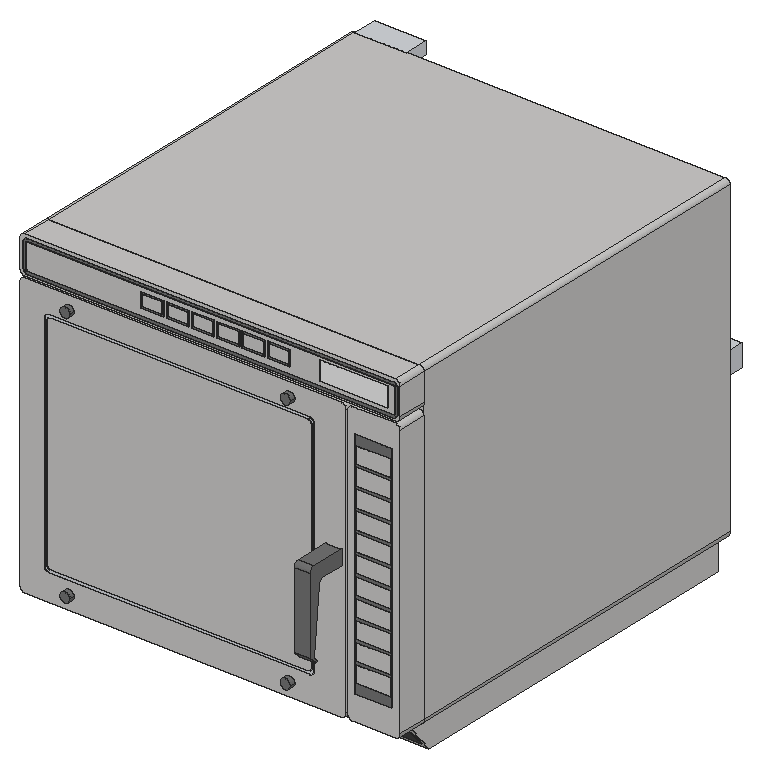
Revit family
Parameters (values of type "ACE14")
  Weight in Pounds = 95
  Watts = 3200 W
  Watermarked By = "http://revitwatermark.com"
  Volts = 208 V
  URL Cutsheet = ""
  URL = "www.acpsolutions.com"
  Status [instance] = ""
  Specification by User [instance] = ""
  Specification by Manufacturer = ""
  Serial Number = ""
  Seismic Rating [instance] = ""
  SMACNA No [instance] = ""
  Revision Code [instance] = ""
  Phase = 1
  Omniclass Number and Title = ""
  Number of Poles [instance] = 1
  NAFEM Spec ID Number = ""
  Model = "ACE14"
  Masterspec = ""
  Manufacturer = "Amana"
  Item Number [instance] = "-"
  Installed By [instance] = ""
  Identify Quantity as Lot [instance] = yes
  Furnished By [instance] = ""
  Foodservice Equipment Identifier [instance] = yes
  FL Amps = 15.4 A
  Electrical Remarks [instance] = ""
  Electric Connection Type [instance] = ""
  Elec Conn RI Height [instance] = 0' - 0"
  Elec Conn Connection Height [instance] = 0' - 9 3/8"
  Description = "Combination Cooking Oven"
  Cycle = 60 Hz
  Conn Plug = "NEMA 6-20"
  CSI MasterFormat = "11 44 16"
  Assembly Code = "E1090320"
  Apparent Power = if(Phase = 3, Volts * FL Amps * 1.73, Volts * FL Amps)  # 3203.2 VA
Values of the unnamed type that differ from the named types
  Watermarked By = ""
Reference planes (in)
  plane 1: z = 0
  plane 2 "LEFT": x = 0
  plane 3 "RIGHT": x = 19.75
  plane 4 "FRONT": y = -21.75781
  plane 5 "TOP": z = 18.125
  plane 6 "Bottom of Box": z = 1.75
  plane 7: x = 0.375
  plane 8: x = 0.1875
  plane 9 "Handle": y = -23.75
  plane 10: z = 9.375
  plane 11: x = 18.25
  plane 12 "Back": y = 0.5
  plane 13: y = -0.75781
  plane 14 "Front of Box": y = -20.25781
  plane 15: y = -38.625
  plane 16: y = -38.60547
Forms (in)
  Extrusion 1, solid, material "QF_Finishes_Stainless Steel"
    sketch origin (0, 0, 0) x (0, 1, 0) y (0, 0, 1)
      loop
        line (-0.75781, 1.75) -> (-20.25781, 1.75) -> (-20.25781, 1.30389) -> (-19.16372, 0) -> (-0.75781, 0) -> (-0.75781, 1.75)
    from 1.04998 to 19.13398
  Extrusion 2, solid, material "QF_Finishes_Stainless Steel"
    sketch origin (0, -21.83258, 0) x (0, 0, -1) y (1, 0, 0)
      loop
        arc (-18.125, 0.625) -> (-18.05178, 0.44822) -> (-17.875, 0.375) r 0.25
        line (-17.875, 0.375) -> (-16.47248, 0.375)
        arc (-16.47248, 0.375) -> (-16.29571, 0.44822) -> (-16.22248, 0.625) r 0.25
        line (-16.22248, 0.625) -> (-16.22248, 19.5)
        arc (-16.22248, 19.5) -> (-16.29571, 19.67678) -> (-16.47248, 19.75) r 0.25
        line (-16.47248, 19.75) -> (-17.875, 19.75)
        arc (-17.875, 19.75) -> (-18.05178, 19.67678) -> (-18.125, 19.5) r 0.25
        line (-18.125, 19.5) -> (-18.125, 0.625)
      loop
        line (-17.67052, 15.63874) -> (-16.67052, 15.63874) -> (-16.67052, 19.13874) -> (-17.67052, 19.13874) -> (-17.67052, 15.63874)
      loop
        line (-16.81543, 11.55953) -> (-17.56543, 11.55953) -> (-17.56543, 10.41006) -> (-16.81543, 10.41006) -> (-16.81543, 11.55953)
      loop
        line (-16.81543, 10.25587) -> (-17.56543, 10.25587) -> (-17.56543, 9.1064) -> (-16.81543, 9.1064) -> (-16.81543, 10.25587)
      loop
        line (-17.56543, 12.98974) -> (-16.81543, 12.98974) -> (-16.81543, 14.13921) -> (-17.56543, 14.13921) -> (-17.56543, 12.98974)
      loop
        line (-16.81543, 12.83555) -> (-17.56543, 12.83555) -> (-17.56543, 11.68608) -> (-16.81543, 11.68608) -> (-16.81543, 12.83555)
      loop
        line (-16.81543, 8.97985) -> (-17.56543, 8.97985) -> (-17.56543, 7.83038) -> (-16.81543, 7.83038) -> (-16.81543, 8.97985)
      loop
        line (-16.81543, 7.67619) -> (-17.56543, 7.67619) -> (-17.56543, 6.52672) -> (-16.81543, 6.52672) -> (-16.81543, 7.67619)
      loop
        line (-16.87793, 7.61369) -> (-17.50293, 7.61369) -> (-17.50293, 6.58922) -> (-16.87793, 6.58922) -> (-16.87793, 7.61369)
      loop
        line (-16.87793, 8.91735) -> (-17.50293, 8.91735) -> (-17.50293, 7.89288) -> (-16.87793, 7.89288) -> (-16.87793, 8.91735)
      loop
        line (-16.87793, 10.19337) -> (-17.50293, 10.19337) -> (-17.50293, 9.1689) -> (-16.87793, 9.1689) -> (-16.87793, 10.19337)
      loop
        line (-16.87793, 11.49703) -> (-17.50293, 11.49703) -> (-17.50293, 10.47256) -> (-16.87793, 10.47256) -> (-16.87793, 11.49703)
      loop
        line (-16.87793, 12.77305) -> (-17.50293, 12.77305) -> (-17.50293, 11.74858) -> (-16.87793, 11.74858) -> (-16.87793, 12.77305)
      loop
        line (-16.87793, 14.07671) -> (-17.50293, 14.07671) -> (-17.50293, 13.05224) -> (-16.87793, 13.05224) -> (-16.87793, 14.07671)
      loop
        line (-17.9649, 19.36983) -> (-17.9649, 0.77744)
        arc (-17.9649, 0.77744) -> (-17.89167, 0.60066) -> (-17.7149, 0.52744) r 0.25
        line (-17.7149, 0.52744) -> (-16.5748, 0.52744)
        arc (-16.5748, 0.52744) -> (-16.39802, 0.60066) -> (-16.3248, 0.77744) r 0.25
        line (-16.3248, 0.77744) -> (-16.3248, 19.36983)
        arc (-16.3248, 19.36983) -> (-16.39802, 19.54661) -> (-16.5748, 19.61983) r 0.25
        line (-16.5748, 19.61983) -> (-17.7149, 19.61983)
        arc (-17.7149, 19.61983) -> (-17.89167, 19.54661) -> (-17.9649, 19.36983) r 0.25
      loop
        line (-17.8399, 19.36983) -> (-17.8399, 0.77744)
        arc (-17.8399, 0.77744) -> (-17.80328, 0.68905) -> (-17.7149, 0.65244) r 0.125
        line (-17.7149, 0.65244) -> (-16.5748, 0.65244)
        arc (-16.5748, 0.65244) -> (-16.48641, 0.68905) -> (-16.4498, 0.77744) r 0.125
        line (-16.4498, 0.77744) -> (-16.4498, 19.36983)
        arc (-16.4498, 19.36983) -> (-16.48641, 19.45822) -> (-16.5748, 19.49483) r 0.125
        line (-16.5748, 19.49483) -> (-17.7149, 19.49483)
        arc (-17.7149, 19.49483) -> (-17.80328, 19.45822) -> (-17.8399, 19.36983) r 0.125
    from -1.57476 to -0.07476
  Extrusion 3, solid, material "QF_Finishes_Stainless Steel"
    sketch origin (0, -21.75781, 0) x (1, 0, 0) y (0, 0, 1)
      loop
        arc (0.625, 16.11033) -> (0.44822, 16.03711) -> (0.375, 15.86033) r 0.25
        line (0.375, 15.86033) -> (0.375, 1.99902)
        arc (0.375, 1.99902) -> (0.44822, 1.82224) -> (0.625, 1.74902) r 0.25
        line (0.625, 1.74902) -> (16.74405, 1.74902)
        arc (16.74405, 1.74902) -> (16.92083, 1.82224) -> (16.99405, 1.99902) r 0.25
        line (16.99405, 1.99902) -> (16.99405, 15.86033)
        arc (16.99405, 15.86033) -> (16.92083, 16.03711) -> (16.74405, 16.11033) r 0.25
        line (16.74405, 16.11033) -> (0.625, 16.11033)
      loop
        arc (1.86421, 14.85606) -> (1.68743, 14.78283) -> (1.61421, 14.60606) r 0.25
        line (1.61421, 14.60606) -> (1.61421, 3.35606)
        arc (1.61421, 3.35606) -> (1.68743, 3.17928) -> (1.86421, 3.10606) r 0.25
        line (1.86421, 3.10606) -> (15.11421, 3.10606)
        arc (15.11421, 3.10606) -> (15.29099, 3.17928) -> (15.36421, 3.35606) r 0.25
        line (15.36421, 3.35606) -> (15.36421, 14.60606)
        arc (15.36421, 14.60606) -> (15.29099, 14.78283) -> (15.11421, 14.85606) r 0.25
        line (15.11421, 14.85606) -> (1.86421, 14.85606)
      loop
        arc (1.97145, 14.75634) -> (1.79467, 14.68312) -> (1.72145, 14.50634) r 0.25
        line (1.72145, 14.50634) -> (1.72145, 3.46998)
        arc (1.72145, 3.46998) -> (1.79467, 3.2932) -> (1.97145, 3.21998) r 0.25
        line (1.97145, 3.21998) -> (15.00353, 3.21998)
        arc (15.00353, 3.21998) -> (15.18031, 3.2932) -> (15.25353, 3.46998) r 0.25
        line (15.25353, 3.46998) -> (15.25353, 14.50634)
        arc (15.25353, 14.50634) -> (15.18031, 14.68312) -> (15.00353, 14.75634) r 0.25
        line (15.00353, 14.75634) -> (1.97145, 14.75634)
    from -1.5 to 0
  Extrusion 4, solid, material "QF_Finishes_Stainless Steel"
    sketch origin (0, -21.83258, 0) x (0, 0, -1) y (1, 0, 0)
      loop
        arc (-16.11033, 17.34162) -> (-16.03711, 17.16484) -> (-15.86033, 17.09162) r 0.25
        line (-15.86033, 17.09162) -> (-1.99902, 17.09162)
        arc (-1.99902, 17.09162) -> (-1.82224, 17.16484) -> (-1.74902, 17.34162) r 0.25
        line (-1.74902, 17.34162) -> (-1.74902, 19.5)
        arc (-1.74902, 19.5) -> (-1.82224, 19.67678) -> (-1.99902, 19.75) r 0.25
        line (-1.99902, 19.75) -> (-15.86033, 19.75)
        arc (-15.86033, 19.75) -> (-16.03711, 19.67678) -> (-16.11033, 19.5) r 0.25
        line (-16.11033, 19.5) -> (-16.11033, 17.34162)
      loop
        line (-14.89681, 17.45776) -> (-3.04131, 17.45776) -> (-3.04131, 19.33388) -> (-14.89681, 19.33388) -> (-14.89681, 17.45776)
      loop
        line (-14.39681, 17.50334) -> (-13.56029, 17.50334) -> (-13.56029, 19.27396) -> (-14.39681, 19.27396) -> (-14.39681, 17.50334)
      loop
        line (-13.39681, 17.50334) -> (-12.56029, 17.50334) -> (-12.56029, 19.27396) -> (-13.39681, 19.27396) -> (-13.39681, 17.50334)
      loop
        line (-12.39681, 17.50334) -> (-11.56029, 17.50334) -> (-11.56029, 19.27396) -> (-12.39681, 19.27396) -> (-12.39681, 17.50334)
      loop
        line (-11.39681, 17.50334) -> (-10.56029, 17.50334) -> (-10.56029, 19.27396) -> (-11.39681, 19.27396) -> (-11.39681, 17.50334)
      loop
        line (-10.39681, 17.50334) -> (-9.56029, 17.50334) -> (-9.56029, 19.27396) -> (-10.39681, 19.27396) -> (-10.39681, 17.50334)
      loop
        line (-9.39681, 17.50334) -> (-8.56029, 17.50334) -> (-8.56029, 19.27396) -> (-9.39681, 19.27396) -> (-9.39681, 17.50334)
      loop
        line (-8.39681, 17.50334) -> (-7.56029, 17.50334) -> (-7.56029, 19.27396) -> (-8.39681, 19.27396) -> (-8.39681, 17.50334)
      loop
        line (-7.39681, 17.50334) -> (-6.56029, 17.50334) -> (-6.56029, 19.27396) -> (-7.39681, 19.27396) -> (-7.39681, 17.50334)
      loop
        line (-6.39681, 17.50334) -> (-5.56029, 17.50334) -> (-5.56029, 19.27396) -> (-6.39681, 19.27396) -> (-6.39681, 17.50334)
      loop
        line (-5.39681, 17.50334) -> (-4.56029, 17.50334) -> (-4.56029, 19.27396) -> (-5.39681, 19.27396) -> (-5.39681, 17.50334)
      loop
        line (-4.39681, 17.50334) -> (-3.56029, 17.50334) -> (-3.56029, 19.27396) -> (-4.39681, 19.27396) -> (-4.39681, 17.50334)
    from -1.57476 to -0.07476
  Extrusion 5, solid, material "QF_Finishes_Stainless Steel"
    sketch origin (0, -0.25, 0) x (1, 0, 0) y (0, 0, 1)
      loop
        line (0, 16.02301) -> (0, 2.03512) -> (0.0625, 2.03512)
        arc (0.0625, 2.03512) -> (0.15089, 2.07173) -> (0.1875, 2.16012) r 0.125
        line (0.1875, 2.16012) -> (0.1875, 15.89801)
        arc (0.1875, 15.89801) -> (0.15089, 15.9864) -> (0.0625, 16.02301) r 0.125
        line (0.0625, 16.02301) -> (0, 16.02301)
    from 0.50781 to 20.00781
  Extrusion 6, solid, material "QF_Finishes_Stainless Steel"
    sketch origin (0.375, -0.25, 0) x (-1, 0, 0) y (0, 0, -1)
      loop
        line (0, -16.02301) -> (0.0625, -16.02301)
        arc (0.0625, -16.02301) -> (0.15089, -15.9864) -> (0.1875, -15.89801) r 0.125
        line (0.1875, -15.89801) -> (0.1875, -2.16012)
        arc (0.1875, -2.16012) -> (0.15089, -2.07173) -> (0.0625, -2.03512) r 0.125
        line (0.0625, -2.03512) -> (0, -2.03512) -> (0, -16.02301)
    from 0.50781 to 20.00781
  Extrusion 7, solid, material "QF_Finishes_Stainless Steel"
    sketch origin (0, -21.75781, 0) x (1, 0, 0) y (0, 0, 1)
      loop
        line (7.61369, 16.87793) -> (7.61369, 17.50293) -> (6.58922, 17.50293) -> (6.58922, 16.87793) -> (7.61369, 16.87793)
      loop
        line (8.91735, 16.87793) -> (8.91735, 17.50293) -> (7.89288, 17.50293) -> (7.89288, 16.87793) -> (8.91735, 16.87793)
      loop
        line (10.19337, 16.87793) -> (10.19337, 17.50293) -> (9.1689, 17.50293) -> (9.1689, 16.87793) -> (10.19337, 16.87793)
      loop
        line (11.49703, 16.87793) -> (11.49703, 17.50293) -> (10.47256, 17.50293) -> (10.47256, 16.87793) -> (11.49703, 16.87793)
      loop
        line (12.77305, 16.87793) -> (12.77305, 17.50293) -> (11.74858, 17.50293) -> (11.74858, 16.87793) -> (12.77305, 16.87793)
      loop
        line (14.07671, 16.87793) -> (14.07671, 17.50293) -> (13.05224, 17.50293) -> (13.05224, 16.87793) -> (14.07671, 16.87793)
    from 0 to -0.49159
  Extrusion 8, solid, material "QF_Finishes_Stainless Steel"
    sketch origin (0, -0.25, 0) x (1, 0, 0) y (0, 0, 1)
      loop
        arc (0.625, 18.11603) -> (0.44822, 18.04281) -> (0.375, 17.86603) r 0.25
        line (0.375, 17.86603) -> (0.375, 2)
        arc (0.375, 2) -> (0.44822, 1.82322) -> (0.625, 1.75) r 0.25
        line (0.625, 1.75) -> (19.5, 1.75)
        arc (19.5, 1.75) -> (19.67678, 1.82322) -> (19.75, 2) r 0.25
        line (19.75, 2) -> (19.75, 17.86603)
        arc (19.75, 17.86603) -> (19.67678, 18.04281) -> (19.5, 18.11603) r 0.25
        line (19.5, 18.11603) -> (0.625, 18.11603)
    from 0.50781 to 20.00781
  Extrusion 9, solid
    sketch origin (0, -21.75781, 0) x (1, 0, 0) y (0, 0, 1)
      loop
        line (1.61421, 14.60606) -> (1.61421, 3.35606)
        arc (1.61421, 3.35606) -> (1.68743, 3.17928) -> (1.86421, 3.10606) r 0.25
        line (1.86421, 3.10606) -> (15.11421, 3.10606)
        arc (15.11421, 3.10606) -> (15.29099, 3.17928) -> (15.36421, 3.35606) r 0.25
        line (15.36421, 3.35606) -> (15.36421, 14.60606)
        arc (15.36421, 14.60606) -> (15.29099, 14.78283) -> (15.11421, 14.85606) r 0.25
        line (15.11421, 14.85606) -> (1.86421, 14.85606)
        arc (1.86421, 14.85606) -> (1.68743, 14.78283) -> (1.61421, 14.60606) r 0.25
      loop
        arc (1.97145, 14.75634) -> (1.79467, 14.68312) -> (1.72145, 14.50634) r 0.25
        line (1.72145, 14.50634) -> (1.72145, 3.46998)
        arc (1.72145, 3.46998) -> (1.79467, 3.2932) -> (1.97145, 3.21998) r 0.25
        line (1.97145, 3.21998) -> (15.00353, 3.21998)
        arc (15.00353, 3.21998) -> (15.18031, 3.2932) -> (15.25353, 3.46998) r 0.25
        line (15.25353, 3.46998) -> (15.25353, 14.50634)
        arc (15.25353, 14.50634) -> (15.18031, 14.68312) -> (15.00353, 14.75634) r 0.25
        line (15.00353, 14.75634) -> (1.97145, 14.75634)
    from 0 to -0.30785
  Extrusion 10, solid, material "QF_Finishes_Dark Grey"
    sketch origin (0, -21.75781, 0) x (1, 0, 0) y (0, 0, 1)
      loop
        line (6.52672, 17.56543) -> (6.52672, 16.81543) -> (7.67619, 16.81543) -> (7.67619, 17.56543) -> (6.52672, 17.56543)
      loop
        line (7.61369, 17.50293) -> (6.58922, 17.50293) -> (6.58922, 16.87793) -> (7.61369, 16.87793) -> (7.61369, 17.50293)
      loop
        line (7.83038, 17.56543) -> (7.83038, 16.81543) -> (8.97985, 16.81543) -> (8.97985, 17.56543) -> (7.83038, 17.56543)
      loop
        line (8.91735, 17.50293) -> (7.89288, 17.50293) -> (7.89288, 16.87793) -> (8.91735, 16.87793) -> (8.91735, 17.50293)
      loop
        line (9.1064, 17.56543) -> (9.1064, 16.81543) -> (10.25587, 16.81543) -> (10.25587, 17.56543) -> (9.1064, 17.56543)
      loop
        line (10.19337, 17.50293) -> (9.1689, 17.50293) -> (9.1689, 16.87793) -> (10.19337, 16.87793) -> (10.19337, 17.50293)
      loop
        line (10.41006, 17.56543) -> (10.41006, 16.81543) -> (11.55953, 16.81543) -> (11.55953, 17.56543) -> (10.41006, 17.56543)
      loop
        line (11.49703, 17.50293) -> (10.47256, 17.50293) -> (10.47256, 16.87793) -> (11.49703, 16.87793) -> (11.49703, 17.50293)
      loop
        line (11.68608, 17.56543) -> (11.68608, 16.81543) -> (12.83555, 16.81543) -> (12.83555, 17.56543) -> (11.68608, 17.56543)
      loop
        line (12.77305, 17.50293) -> (11.74858, 17.50293) -> (11.74858, 16.87793) -> (12.77305, 16.87793) -> (12.77305, 17.50293)
      loop
        line (12.98974, 17.56543) -> (12.98974, 16.81543) -> (14.13921, 16.81543) -> (14.13921, 17.56543) -> (12.98974, 17.56543)
      loop
        line (14.07671, 17.50293) -> (13.05224, 17.50293) -> (13.05224, 16.87793) -> (14.07671, 16.87793) -> (14.07671, 17.50293)
      loop
        line (19.36983, 17.8399) -> (0.77744, 17.8399)
        arc (0.77744, 17.8399) -> (0.68905, 17.80328) -> (0.65244, 17.7149) r 0.125
        line (0.65244, 17.7149) -> (0.65244, 16.5748)
        arc (0.65244, 16.5748) -> (0.68905, 16.48641) -> (0.77744, 16.4498) r 0.125
        line (0.77744, 16.4498) -> (19.36983, 16.4498)
        arc (19.36983, 16.4498) -> (19.45822, 16.48641) -> (19.49483, 16.5748) r 0.125
        line (19.49483, 16.5748) -> (19.49483, 17.7149)
        arc (19.49483, 17.7149) -> (19.45822, 17.80328) -> (19.36983, 17.8399) r 0.125
      loop
        arc (0.77744, 17.9649) -> (0.60066, 17.89167) -> (0.52744, 17.7149) r 0.25
        line (0.52744, 17.7149) -> (0.52744, 16.5748)
        arc (0.52744, 16.5748) -> (0.60066, 16.39802) -> (0.77744, 16.3248) r 0.25
        line (0.77744, 16.3248) -> (19.36983, 16.3248)
        arc (19.36983, 16.3248) -> (19.54661, 16.39802) -> (19.61983, 16.5748) r 0.25
        line (19.61983, 16.5748) -> (19.61983, 17.7149)
        arc (19.61983, 17.7149) -> (19.54661, 17.89167) -> (19.36983, 17.9649) r 0.25
        line (19.36983, 17.9649) -> (0.77744, 17.9649)
    from 0 to -0.49159
  Extrusion 11, void
    sketch origin (0, 0, 0) x (0, 1, 0) y (0, 0, 1)
      loop
        line (-19.33626, 0.20563) -> (-19.04542, 0.20563) -> (-19.70463, 0.99125) -> (-19.99547, 0.99125) -> (-19.33626, 0.20563)
    from 1.30851 to 5.32647
  Extrusion 12, void
    sketch origin (0, 0, 0) x (0, 1, 0) y (0, 0, 1)
      loop
        line (-19.33626, 0.20563) -> (-18.78149, 0.20563) -> (-19.4407, 0.99125) -> (-19.99547, 0.99125) -> (-19.33626, 0.20563)
    from 1.30851 to 5.32647
  Extrusion 13, void
    sketch origin (0, 0, -2) x (0, 1, 0) y (0, 0, 1)
      loop
        line (-19.33626, 2.20563) -> (-18.78149, 2.20563) -> (-19.4407, 2.99125) -> (-19.99547, 2.99125) -> (-19.33626, 2.20563)
    from 8.09852 to 12.3848
  Extrusion 14, void
    sketch origin (0, 0, -4.25) x (0, 1, 0) y (0, 0, 1)
      loop
        line (-19.33626, 4.45563) -> (-18.78149, 4.45563) -> (-19.4407, 5.24125) -> (-19.99547, 5.24125) -> (-19.33626, 4.45563)
    from 14.73003 to 18.88905
  Extrusion 15, solid, material "QF_Finishes_Black"
    sketch origin (0, 0, 0) x (0, 1, 0) y (0, 0, 1)
      loop
        line (-19.70463, 0.99125) -> (-19.99547, 0.99125) -> (-19.33626, 0.20563) -> (-19.04542, 0.20563) -> (-19.70463, 0.99125)
    from 1.30851 to 5.32647
  Extrusion 16, solid, material "QF_Finishes_Black"
    sketch origin (0, 0, -2.5) x (0, 1, 0) y (0, 0, 1)
      loop
        line (-19.70463, 3.49125) -> (-19.99547, 3.49125) -> (-19.33626, 2.70563) -> (-19.04542, 2.70563) -> (-19.70463, 3.49125)
    from 8.09852 to 12.3848
  Extrusion 17, solid, material "QF_Finishes_Black"
    sketch origin (0, 0, -2.63249) x (0, 1, 0) y (0, 0, 1)
      loop
        line (-19.70463, 3.62374) -> (-19.99547, 3.62374) -> (-19.33626, 2.83812) -> (-19.04542, 2.83812) -> (-19.70463, 3.62374)
    from 14.73003 to 18.88905
  Extrusion 18, solid, material "QF_Finishes_Dark Grey"
    sketch origin (0, -21.75781, 0) x (1, 0, 0) y (0, 0, 1)
      loop
        line (17.45776, 14.89681) -> (17.45776, 3.04131) -> (19.33388, 3.04131) -> (19.33388, 14.89681) -> (17.45776, 14.89681)
      loop
        line (19.27396, 14.39681) -> (17.50334, 14.39681) -> (17.50334, 13.56029) -> (19.27396, 13.56029) -> (19.27396, 14.39681)
      loop
        line (19.27396, 13.39681) -> (17.50334, 13.39681) -> (17.50334, 12.56029) -> (19.27396, 12.56029) -> (19.27396, 13.39681)
      loop
        line (19.27396, 12.39681) -> (17.50334, 12.39681) -> (17.50334, 11.56029) -> (19.27396, 11.56029) -> (19.27396, 12.39681)
      loop
        line (19.27396, 11.39681) -> (17.50334, 11.39681) -> (17.50334, 10.56029) -> (19.27396, 10.56029) -> (19.27396, 11.39681)
      loop
        line (19.27396, 10.39681) -> (17.50334, 10.39681) -> (17.50334, 9.56029) -> (19.27396, 9.56029) -> (19.27396, 10.39681)
      loop
        line (19.27396, 9.39681) -> (17.50334, 9.39681) -> (17.50334, 8.56029) -> (19.27396, 8.56029) -> (19.27396, 9.39681)
      loop
        line (19.27396, 8.39681) -> (17.50334, 8.39681) -> (17.50334, 7.56029) -> (19.27396, 7.56029) -> (19.27396, 8.39681)
      loop
        line (19.27396, 7.39681) -> (17.50334, 7.39681) -> (17.50334, 6.56029) -> (19.27396, 6.56029) -> (19.27396, 7.39681)
      loop
        line (19.27396, 6.39681) -> (17.50334, 6.39681) -> (17.50334, 5.56029) -> (19.27396, 5.56029) -> (19.27396, 6.39681)
      loop
        line (19.27396, 5.39681) -> (17.50334, 5.39681) -> (17.50334, 4.56029) -> (19.27396, 4.56029) -> (19.27396, 5.39681)
      loop
        line (19.27396, 4.39681) -> (17.50334, 4.39681) -> (17.50334, 3.56029) -> (19.27396, 3.56029) -> (19.27396, 4.39681)
    from 0 to -0.30785
  Extrusion 19, solid, material "QF_Finishes_Dark Grey"
    sketch origin (0, -21.75781, 0) x (1, 0, 0) y (0, 0, 1)
      loop
        circle (2.85953, 15.42486) r 0.25
      loop
        circle (14.10953, 15.42486) r 0.25
      loop
        circle (2.85953, 2.42486) r 0.25
      loop
        circle (14.10953, 2.42486) r 0.25
    from 0 to 0.24585
  Extrusion 20, solid, material "QF_Finishes_Dark Grey"
    sketch origin (0, 0, 0) x (0, 1, 0) y (0, 0, 1)
      loop
        line (-21.75781, 9.39681) -> (-23.5, 9.39681)
        arc (-23.5, 9.39681) -> (-23.67678, 9.32359) -> (-23.75, 9.14681) r 0.25
        line (-23.75, 9.14681) -> (-23.75, 5.25) -> (-23.42423, 4.92423)
        arc (-23.42423, 4.92423) -> (-23.3647, 4.94645) -> (-23.3134, 4.98395) r 0.23257
        line (-23.3134, 4.98395) -> (-23.53668, 5.20723) -> (-23.19927, 8.41739)
        arc (-23.19927, 8.41739) -> (-23.11793, 8.57705) -> (-22.95064, 8.64126) r 0.25
        line (-22.95064, 8.64126) -> (-21.75781, 8.64126) -> (-21.75781, 9.39681)
    from 15.95751 to 16.7602
  Extrusion 21, solid, material "QF_Finishes_White"
    sketch origin (0, -21.75781, 0) x (1, 0, 0) y (0, 0, 1)
      loop
        line (15.63874, 17.67052) -> (15.63874, 16.67052) -> (19.13874, 16.67052) -> (19.13874, 17.67052) -> (15.63874, 17.67052)
    from -1.125 to 0
  Extrusion 22, void
    sketch origin (0, -0.25, 0) x (1, 0, 0) y (0, 0, 1)
      loop
        circle (18.25, 9.375) r 0.5
    from 0.50781 to 0.96323
  Extrusion 23, solid
    sketch origin (0, 0.5, 0) x (1, 0, 0) y (0, 0, 1)
      loop
        line (16.01493, 7.05378) -> (3.26493, 7.05378) -> (3.26493, 6.30378) -> (16.01493, 6.30378) -> (16.01493, 7.05378)
      loop
        line (3.26493, 18.11603) -> (0.65244, 18.11603) -> (0.65244, 17.45218) -> (3.26493, 17.45218) -> (3.26493, 18.11603)
      loop
        line (19.33388, 9.93301) -> (17.23649, 9.93301) -> (17.23649, 8.8191) -> (19.33388, 8.8191) -> (19.33388, 9.93301)
      loop
        circle (18.25, 9.375) r 0.5
    from 1.25781 to 0
Cuts and joins
  Extrusion 11, Extrusion 12, Extrusion 13, Extrusion 14 cuts Extrusion 1
  Extrusion 22 cuts Extrusion 8
Lines and regions (in)
  symbolic lines, style "QF_Clearances"
    curve 1: line (-1.5, -21.75781, 1.75) -> (-1.5, 1.80469, 1.75)
    curve 2: line (-1.5, 1.80469, 1.75) -> (21.25, 1.80469, 1.75)
    curve 3: line (21.25, 1.80469, 1.75) -> (21.25, -21.75781, 1.75)
    curve 4: line (0, -21.75781, 20.125) -> (0, 1.80469, 20.125)
    curve 5: line (0, 1.80469, 20.125) -> (0, 1.80469, 0)
    curve 6: line (0, -21.75781, 16.11033) -> (0, -38.625, 16.11033)
    curve 7: line (0, -38.625, 16.11033) -> (0, -38.625, 1.75)
    curve 8: line (0, -38.625, 1.75) -> (0, -21.74722, 1.75)
    curve 9: line (0.375, -21.75781, 1.75) -> (0.375, -38.625, 1.75)
    curve 10: arc (0.375, -38.625, 1.75) -> (12.12432, -33.65092, 1.75) -> (16.74405, -21.75781, 1.75) r 16.38533
    curve 11: line (-1.5, -21.75781, 0) -> (-1.5, -21.75781, 20.125)
    curve 12: line (21.25, -21.75781, 0) -> (21.25, -21.75781, 20.125)
    curve 13: line (21.25, -21.75781, 20.125) -> (-1.5, -21.75781, 20.125)
  symbolic lines
    curve 14: line (0.375, -21.75781, 1.75) -> (0.375, -20.25781, 1.75)
    curve 15: line (0.375, -20.25781, 1.75) -> (0, -20.25781, 1.75)
    curve 16: line (0, -20.25781, 1.75) -> (0, -0.75781, 1.75)
    curve 17: line (0, -0.75781, 1.75) -> (0.625, -0.75781, 1.75)
    curve 18: line (0.625, -0.75781, 1.75) -> (0.625, 0.5, 1.75)
    curve 19: line (0.625, 0.5, 1.75) -> (16.01493, 0.5, 1.75)
    curve 20: line (17.23649, -0.75781, 1.75) -> (17.23649, 0.5, 1.75)
    curve 21: line (17, 0.5, 1.75) -> (19.33388, 0.5, 1.75)
    curve 22: line (19.75, -0.75781, 1.75) -> (19.75, -21.75781, 1.75)
    curve 23: line (16.01493, 0.5, 1.75) -> (16.01493, -0.75781, 1.75)
    curve 24: line (16.01493, -0.75781, 1.75) -> (17.23649, -0.75781, 1.75)
    curve 25: line (19.75, -21.75781, 1.75) -> (16.74405, -21.75781, 1.75)
    curve 26: line (16.74405, -21.75781, 1.75) -> (16.74405, -23.75781, 1.75)
    curve 27: line (16.74405, -23.75781, 1.75) -> (15.92934, -23.75781, 1.75)
    curve 28: line (15.92934, -23.75781, 1.75) -> (15.92934, -21.75781, 1.75)
    curve 29: line (15.92934, -21.75781, 1.75) -> (0.375, -21.75781, 1.75)
    curve 30: line (0.375, -20.25781, 1.75) -> (19.75, -20.25781, 1.75)
    curve 31: line (19.33388, 0.5, 1.75) -> (19.33388, -0.75781, 1.75)
    curve 32: line (19.33388, -0.75781, 1.75) -> (19.75, -0.75781, 1.75)
Dimensions and locks (in)
  plane 2 "LEFT" to plane 3 "RIGHT" = 1' - 7 3/4"
  level to plane 10 = 0' - 9 3/8"
  plane 3 "RIGHT" to plane 11 = 0' - 1 1/2"
  aligned and locked: level to plane 1
Connectors (in)
  electrical at (18.25, -1.21323, 9.375)
    settings: on cut or joined group of Extrusion 8, Extrusion 22, index 1, voltage 0 V, apparent load 0 VA, apparent load phase1 0 VA, apparent load phase2 0 VA, apparent load phase3 0 VA, power factor 1, load classification "Other", number of poles 1, system type 31, power factor state 1, is connector primary yes, connector utility no, sub classification motor no, connector description ""
